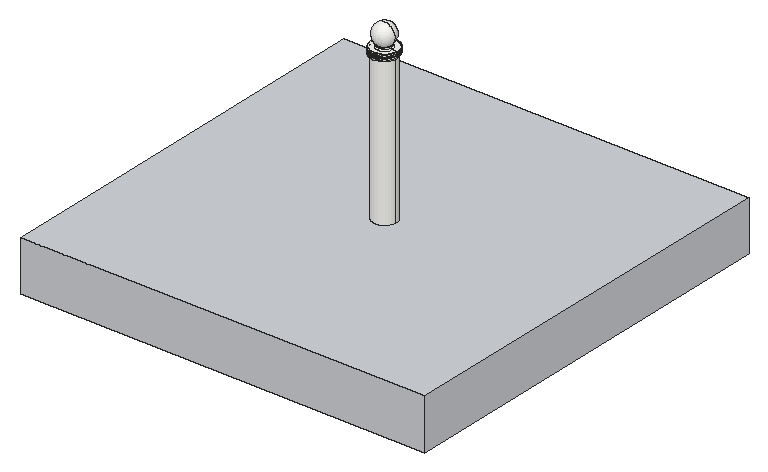
Revit family
Parameters (values of type "MFR-RS1-N")
  Warranty Statement = "www.maxiforcebollards.com/documents"
  Warranty Duration (Years) = "1"
  URL = "www.maxiforcebollards.com/documents"
  Type Comments = "Fixed Bollard / Round Body"
  Revision = "20110501"
  Reflective Tape = no
  Projection Type = Projection_MFR-RS1 : Projection_MFR-RS1
  Product Specifications MF 2004 = "www.maxiforcebollards.com/documents"
  Product Specifications MF 1995 = "www.maxiforcebollards.com/documents"
  Product Models = "www.maxiforcebollards.com/documents"
  Post Material = Powder Coat - TIGER Drylac
  Pier Height = if(Additional Body Height < 0' 0", 3' 0", if(or(Additional Body Height + 3' 0" > 4' 0", Additional Body Height + 3' 0" = 4' 0"), 4' 0", 3' 0" + Additional Body Height))  # 3' - 0"
  Operation, Maintenance & Repair Manual = "www.maxiforcebollards.com/documents"
  Model = "MFR-RS1-N5"
  MasterFormat 1995 = "02870\t\t\t\t\t\r\n"
  Marketing Brochures = "www.maxiforcebollards.com/documents"
  Manufacturer Website = "http://www.maxiforcebollards.com\t\t\t\t\t\r\n"
  Manufacturer Phone = "410-552-9888\t\t\t\t\t\r\n"
  Manufacturer Fax = "410-552-9939\t\t\t\t\t\r\n"
  Manufacturer Email = "sales@maxiforcebollards.com\t\t\t\t\t\r\n"
  Manufacturer Address = "7560 Main Street, Sykesville, MD 21784\t\t\t\t\t\r\n"
  Manufacturer = "Blue Ember Technologies, LLC."
  Maintenance Schedule (Months) = "0"
  Keynote = "12 93 00"
  Installation Phase = "Fixtures and Fittings"
  Head Type = Head_RS1 : Head_RS1
  Head Material = Powder Coat - TIGER Drylac
  Description = "Site Furnishings as Specified in 02870 or 12 93 00"
  Default Elevation = 4' - 0"
  Copyright = "© Blue Ember Technologies, LLC."
  Color Definitions RFA = "www.maxiforcebollards.com/documents"
  Color Charts = "www.maxiforcebollards.com/documents"
  CAD Details = "www.maxiforcebollards.com/documents"
  Bollard Articles = "www.maxiforcebollards.com/documents"
  Assembly Code = "G2040500"
  Applicable Standard - Typical Installation (minimum) = "www.maxiforcebollards.com/documents"
  Applicable Standard - IBC 1607.7.3 = "www.maxiforcebollards.com/documents"
  Applicable Standard - FBC 1618.5.3 = "www.maxiforcebollards.com/documents"
  Applicable Standard - DOS SD-STD-02.01 K4/K8 = "www.maxiforcebollards.com/documents"
  Applicable Standard - ASTM F2656-07 M30/40 = "www.maxiforcebollards.com/documents"
  Applicable Standard - AASHTO 2.7 = "www.maxiforcebollards.com/documents"
  Additional Body Height Description = "+1\" of Body (up to 48\" AFG w/o head)"
  Additional Body Height = 0' - 0"
Types (3): name | Projection Type | Head Type
  (no name) | Projection_MFR-RS1 : Projection_MFR-RS1 | Head_RS1 : Head_RS1
  MFR-RS1-N | Projection_MFR-RS1 : Projection_MFR-RS1 | Head_RS1 : Head_RS1
  MFR-RS2-N | Projection_MFR-RS2 : Projection_MFR-RS2 | Head_RS2 : Head_RS2
Reference planes (in)
  plane 1 "Center (Front/Back)": y = 0
  plane 2: z = 0
  plane 3 "Center (Left/Right)": x = 0
  plane 4 "Head Placement": z = 36
Forms (in)
  Extrusion 1, solid
    sketch origin (0, 0, 0) x (1, 0, 0) y (0, 1, 0)
      loop
        line (-48, 48) -> (-48, -48) -> (48, -48) -> (48, 48) -> (-48, 48)
    from 0 to -12
  Extrusion 2, solid, material "Powder Coat - TIGER Drylac" <- "Post Material", detail levels medium+fine
    sketch origin (0, 0, 0) x (1, 0, 0) y (0, 1, 0)
      loop
        circle (0, 0) r 2.78125
      loop
        circle (0, 0) r 2.52344
    from -18 to 36
  Extrusion 3, void
    sketch origin (0, 0, 0) x (0, 1, 0) y (0, 0, 1)
      loop
        circle (0, 35.72) r 0.125
    from -2.88243 to 2.91626
Cuts and joins
  Extrusion 3 cuts Extrusion 2
Dimensions and locks (in)
  "Pier Height": plane 4 "Head Placement" to level
  aligned and locked: plane 2 to Extrusion 1
  aligned and locked: level to Extrusion 1
  aligned and locked: plane 4 "Head Placement" to Extrusion 2
Automatic sketch dimensions
  Extrusion 1 sketch curve to Extrusion 1 sketch curve = 8' - 0"  (x2)
  Extrusion 2 sketch curve to Extrusion 2 sketch curve = 0' - 0"  (x2)
  plane 1 "Center (Front/Back)" to Extrusion 2 sketch curve = 0' - 0"
  Extrusion 2 sketch curve to plane 3 "Center (Left/Right)" = 0' - 0"
  Extrusion 3 sketch curve to plane 1 "Center (Front/Back)" = 0' - 0"
  Extrusion 3 sketch curve to plane 4 "Head Placement" = 0' - 0.28"
  radius of Extrusion 2 sketch curve = 0' - 2 25/32"
  radius of Extrusion 2 sketch curve = 0' - 2 67/128"
  radius of Extrusion 3 sketch curve = 0' - 0 1/8"
Nested families (in)
  nested 1: "Head_RS1" at (0, 0, 36), type <- "Head Type", type "Head_RS1", detail levels medium+fine
  nested 2: "Projection_MFR-RS1" at (0, 0, 0), type <- "Projection Type", type "Projection_MFR-RS1"
Definition of nested family "Head_RS1"
  Parameters (values of type "Head_RS1")
    Head Material = Powder Coat - TIGER Drylac
    Default Elevation = 4' - 0"
    Assembly Code = ""
  Reference planes (in)
    plane 1 "Center (Front/Back)": y = 0
    plane 2: z = 0
    plane 3 "Center (Left/Right)": x = 0
  Forms (in)
    Revolve 1, solid, material "Powder Coat - TIGER Drylac" <- "Head Material"
      sketch origin (0, 0, -0.86859) x (1, 0, 0) y (0, 0, 1)
        loop
          line (0, 0) -> (0, 0.25) -> (-2.845, 0.25) -> (-2.845, 1.06) -> (-1.345, 1.06) -> (-1.345, 2.18626)
          arc (-1.345, 2.18626) -> (-2.13552, 4.69855) -> (0, 6.24) r 2.25
          line (0, 6.24) -> (0, 6.49)
          arc (0, 6.49) -> (-2.33288, 4.88872) -> (-1.67727, 2.13615) r 2.5
          arc (-1.67727, 2.13615) -> (-1.61649, 2.05218) -> (-1.595, 1.95077) r 0.25
          line (-1.595, 1.95077) -> (-1.595, 1.56)
          arc (-1.595, 1.56) -> (-1.66822, 1.38322) -> (-1.845, 1.31) r 0.25
          line (-1.845, 1.31) -> (-3.16141, 1.31)
          arc (-3.16141, 1.31) -> (-3.20284, 1.29284) -> (-3.22, 1.25141) r 0.05859
          line (-3.22, 1.25141) -> (-3.22, 0.94625)
          arc (-3.22, 0.94625) -> (-3.21787, 0.93059) -> (-3.21163, 0.91607) r 0.05859
          line (-3.21163, 0.91607) -> (-3.13213, 0.78376)
          arc (-3.13213, 0.78376) -> (-3.09642, 0.655) -> (-3.13213, 0.52624) r 0.25
          line (-3.13213, 0.52624) -> (-3.21163, 0.39393)
          arc (-3.21163, 0.39393) -> (-3.21787, 0.37941) -> (-3.22, 0.36375) r 0.05859
          line (-3.22, 0.36375) -> (-3.22, 0.05859)
          arc (-3.22, 0.05859) -> (-3.20284, 0.01716) -> (-3.16141, 0) r 0.05859
          line (-3.16141, 0) -> (0, 0)
        axis (0, 6.49) -> (0, 0)
      angle from 0 to 360
    Extrusion 2, void
      sketch origin (0, 0, 0.19141) x (0, 1, 0) y (0, 0, 1)
        loop
          circle (0, -0.4) r 0.15625
      from -3.97007 to 3.77942
    Extrusion 3, void
      sketch origin (-3.09254, 0, -0.20859) x (0, 0, 1) y (0, 1, 0)
        loop
          line (0, 0.09021) -> (-0.07812, 0.04511) -> (-0.07812, -0.04511) -> (0, -0.09021) -> (0.07813, -0.04511) -> (0.07813, 0.04511) -> (0, 0.09021)
      from 0.0805 to 0.161
    Revolve 4, solid, material "Steel", detail levels fine
      sketch origin (-3.09254, 0, -0.20859) x (0, 0, 1) y (-1, 0, 0)
        loop
          line (0, 0.161) -> (-0.26551, 0.161) -> (-0.12555, 0) -> (-0.12555, -0.339) -> (0, -0.339) -> (0, 0.161)
        axis (0, 0.161) -> (0, -0.339)
      angle from 0 to 360
    Extrusion 5, void
      sketch origin (3.09254, 0, -0.20859) x (0, 0, 1) y (0, -1, 0)
        loop
          line (0, -0.09021) -> (0.07813, -0.04511) -> (0.07813, 0.04511) -> (0, 0.09021) -> (-0.07812, 0.04511) -> (-0.07812, -0.04511) -> (0, -0.09021)
      from 0.0805 to 0.161
    Revolve 6, solid, material "Steel", detail levels fine
      sketch origin (3.09254, 0, -0.20859) x (0, 0, 1) y (-1, 0, 0)
        loop
          line (0, -0.161) -> (0, 0.339) -> (-0.12555, 0.339) -> (-0.12555, 0) -> (-0.26551, -0.161) -> (0, -0.161)
        axis (0, -0.161) -> (0, 0.339)
      angle from 0 to 360
  Cuts and joins
    Extrusion 2, Extrusion 3, Extrusion 5 cuts Revolve 1
    Extrusion 3, Extrusion 5 cuts Revolve 4
    Extrusion 5 cuts Revolve 6
Definition of nested family "Projection_MFR-RS1"
  Reference planes (in)
    plane 1 "Center (Front/Back)": y = 0
    plane 2: z = 0
    plane 3 "Center (Left/Right)": x = 0
  Lines and regions (in)
    symbolic lines
      curve 1: circle (0, 0, 0) r 2.25 normal (0, 0, 1)
      curve 2: circle (0, 0, 0) r 2.5 normal (0, 0, 1)
      curve 3: circle (0, 0, 0) r 3.22 normal (0, 0, 1)
